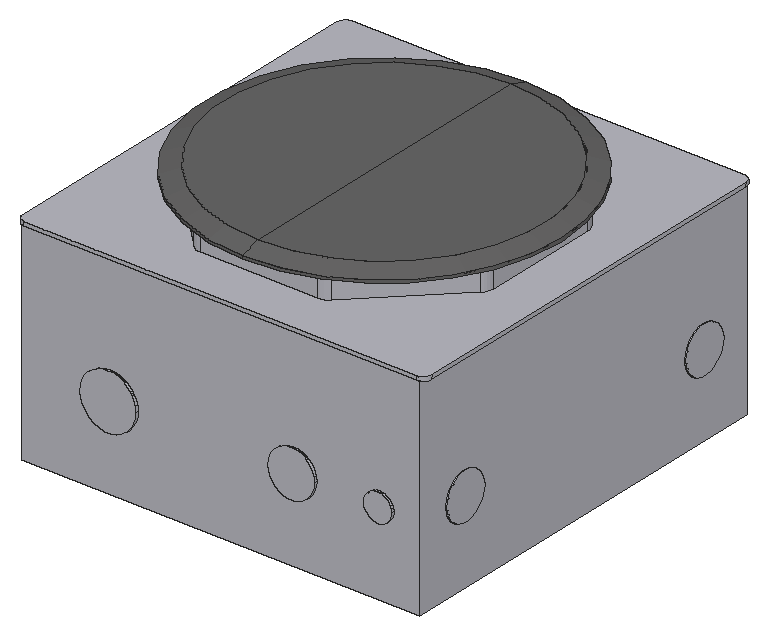
Revit family "Electrical_Equipment-Floor_Box-Hubbell_Wiring-10_Gang-Concrete-CFB10G55R", category Electrical Fixtures, host Face, Revit 2015
Parameters (values of type "CFB10G55R")
  URL = "http://www.hubbell-wiring.com/"
  Product data url = "https://bimobject.com/hubbellwiring/product/hubbell-cfb10g55"
  Product Page URL = "http://www.hubbell-wiring.com/DrawingLibrary.aspx/"
  Product Documentation Link = ""
  Model = "CFB10G55R"
  Manufacturer = "Hubbell-Wiring"  # constant formula
  Keynote = ""
  Device Plate 9 [instance] = Device Plate : FB10MP2A - Two Decorator openings
  Device Plate 8 [instance] = Device Plate : FB10MP2A - Two Decorator openings
  Device Plate 7 [instance] = Device Plate : FB10MP2A - Two Decorator openings
  Device Plate 6 [instance] = Device Plate : FB10MP2A - Two Decorator openings
  Device Plate 5 [instance] = Device Plate : FB10MP2A - Two Decorator openings
  Device Plate 4 [instance] = Device Plate : FB10MP2A - Two Decorator openings
  Device Plate 3 [instance] = Device Plate : FB10MP2A - Two Decorator openings
  Device Plate 2 [instance] = Device Plate : FB10MP2A - Two Decorator openings
  Device Plate 10 [instance] = Device Plate : FB10MP2A - Two Decorator openings
  Device Plate 1 [instance] = Device Plate : FB10MP2A - Two Decorator openings
  Description = "Concrete Floor Box, 10 Gang For 8'' Round Cover"
  Default Elevation = 0.000"
  Cover Type [instance] = CFBS1R8CVR : CFBS1R8CVRBK - Black Cover
  Conduit Connector_9 Description = "Conduit 0.75in. or 0.5in. Connection"
  Conduit Connector_8 Description = "Conduit 0.75in. or 0.5in. Connection"
  Conduit Connector_7 Description = "Conduit 0.75in. or 0.5in. Connection"
  Conduit Connector_6 Description = "Conduit 0.75in. or 0.5in. Connection"
  Conduit Connector_5 Description = "Conduit 0.75in. or 0.5in. Connection"
  Conduit Connector_4 Description = "Conduit 1.25in, 1.0in. or 0.75in. Connection"
  Conduit Connector_3 Description = "Conduit 1.25in, 1.0in. or 0.75in. Connection"
  Conduit Connector_2 Description = "Conduit 1.5in, 1.25in. or 1in. Connection"
  Conduit Connector_16 Description = "Conduit 0.5in. Connection"
  Conduit Connector_15 Description = "Conduit 0.5in. Connection"
  Conduit Connector_14 Description = "Conduit 1.0in, 0.75in. or 0.5in. Connection"
  Conduit Connector_13 Description = "Conduit 1.0in, 0.75in. or 0.5in. Connection"
  Conduit Connector_12 Description = "Conduit 1.0in, 0.75in. or 0.5in. Connection"
  Conduit Connector_11 Description = "Conduit 1.0in, 0.75in. or 0.5in. Connection"
  Conduit Connector_10 Description = "Conduit 0.75in. or 0.5in. Connection"
  Conduit Connector_1 Description = "Conduit 1.5in, 1.25in. or 1in. Connection"
  Conduit Connector 6 Radius = 0.250"
  Conduit Connector 5 Radius = 0.500"
  Conduit Connector 4 Radius = 0.625"
  Conduit Connector 3 Radius = 0.375"
  Conduit Connector 2 Radius = 0.625"
  Conduit Connector 1 Radius = 0.750"
  Box Material = Metal - Hubbell - Steel
  Assembly Code = "D5020115"
Types (2): name | Product Page URL | Product Documentation Link | Model | Description | Cover Type | Box Material
  CFB10G55R | "http://www.hubbell-wiring.com/DrawingLibrary.aspx/" | "" | "CFB10G55R" | "Concrete Floor Box, 10 Gang For 8'' Round Cover" | CFBS1R8CVR : CFBS1R8CVRBK - Black Cover | Metal - Hubbell - Steel
  CFB10G55RCR | "http://ecatalog.hubbell-wiring.com/productinformation/viewcatalog.aspx?Dest=hubbell-wiring.com/press/catalog/O.pdf" | "http://www.hubbell-wiring.com/DrawingLibrary.aspx/" | "CFB10G55RCR" | "Concrete Floor Box, 10 Gang For 8'' Round Cover With Green Exterior" | CFBS1R8CVR : CFBS1R8CVRALU - Aluminum Cover | Metal - Hubbell - Green Finish
Reference planes (in)
  plane 1 "Center (Front/Back)": y = 0
  plane 2: z = 0
  plane 3 "Center (Left/Right)": x = 0
  plane 4 "Bottom": z = -6.3695
  plane 5: y = -4
  plane 6: z = -4.1295
  plane 7: z = -6.4295
  plane 8: x = -5.32626
  plane 9: x = 5.32626
  plane 10: y = 5.47082
  plane 11: y = -5.47082
  plane 12: z = -6.2695
  plane 13: x = -5.12626
  plane 14: x = 5.12626
  plane 15: y = 5.27082
  plane 16: y = -5.27082
  plane 17: y = 4
  plane 18: x = -5.38
  plane 19: x = 5.38
  plane 20: y = -5.53082
  plane 21: y = 5.53082
  plane 22: x = -2.971
  plane 23: x = 1.939
  plane 24: x = 4.25
  plane 25: z = -0.74
  plane 26: z = -0.64
  plane 27: x = -4.46538
  plane 28: x = 4.46538
  plane 29: y = 4.29
  plane 30: y = -4.29
  plane 31: y = 2.5
Forms (in)
  Extrusion 1, solid, material "Metal - Hubbell - Steel" <- "Box Material"
    sketch origin (0, 0, -6.3695) x (0, 1, 0) y (-1, 0, 0)
      loop
        line (-5.47082, 5.32626) -> (-5.47082, -5.32626) -> (5.47082, -5.32626) -> (5.47082, 5.32626) -> (-5.47082, 5.32626)
    from 0 to 5.6295
  Extrusion 2, solid, material "Metal - Hubbell - Steel" <- "Box Material", detail levels medium+fine
    sketch origin (0, 0, 0) x (1, 0, 0) y (0, 0, 1)
      loop
        circle (-2.971, -4.1295) r 0.75
      loop
        circle (1.939, -4.1295) r 0.625
      loop
        circle (4.25, -4.1295) r 0.375
    from 5.47082 to 5.53082
  Extrusion 3, solid, material "Metal - Hubbell - Steel" <- "Box Material", detail levels medium+fine
    sketch origin (0, 0, 0) x (1, 0, 0) y (0, 0, -1)
      loop
        circle (-2.971, 4.1295) r 0.75
      loop
        circle (1.939, 4.1295) r 0.625
      loop
        circle (4.25, 4.1295) r 0.375
    from 5.47082 to 5.53082
  Extrusion 4, solid, material "Metal - Hubbell - Steel" <- "Box Material", detail levels medium+fine
    sketch origin (0, 0, 0) x (0, 1, 0) y (0, 0, 1)
      loop
        circle (-4, -4.1295) r 0.625
      loop
        circle (4, -4.1295) r 0.625
    from 5.32626 to 5.38
  Extrusion 5, solid, material "Metal - Hubbell - Steel" <- "Box Material", detail levels medium+fine
    sketch origin (0, 0, 0) x (0, 1, 0) y (0, 0, -1)
      loop
        circle (-4, 4.1295) r 0.625
      loop
        circle (4, 4.1295) r 0.625
    from 5.32626 to 5.38
  Extrusion 6, void
    sketch origin (0, 0, 0) x (1, 0, 0) y (0, 1, 0)
      loop
        line (-5.12626, 5.27082) -> (-5.12626, -5.27082) -> (5.12626, -5.27082) -> (5.12626, 5.27082) -> (-5.12626, 5.27082)
    from -6.2695 to -0.74
  Extrusion 7, solid, material "Metal - Hubbell - Steel" <- "Box Material", detail levels medium+fine
    sketch origin (0, 0, 0) x (1, 0, 0) y (0, 1, 0)
      loop
        circle (4.46538, 4.29) r 0.25
      loop
        circle (-4.46538, 4.29) r 0.25
      loop
        circle (4.46538, -4.29) r 0.5
      loop
        circle (-4.46538, -4.29) r 0.5
      loop
        circle (-4.46538, 2.5) r 0.5
      loop
        circle (4.46538, 2.5) r 0.5
    from -6.4295 to -6.3695
  Sweep 8, solid, material "Metal - Hubbell - Steel" <- "Box Material"
    path origin (0, 0, 0) x (0, 1, 0) y (0, 0, 1)
      loop
        line (0, -0.74) -> (0, -0.64)
    profile origin (0, 0, -0.69) x (0, -1, 0) y (1, 0, 0)
      loop
        arc (5.255, -5.48) -> (5.4141, -5.4141) -> (5.48, -5.255) r 0.225
        line (5.48, -5.255) -> (5.48, 5.255)
        arc (5.48, 5.255) -> (5.4141, 5.4141) -> (5.255, 5.48) r 0.225
        line (5.255, 5.48) -> (-5.255, 5.48)
        arc (-5.255, 5.48) -> (-5.4141, 5.4141) -> (-5.48, 5.255) r 0.225
        line (-5.48, 5.255) -> (-5.48, -5.255)
        arc (-5.48, -5.255) -> (-5.4141, -5.4141) -> (-5.255, -5.48) r 0.225
        line (-5.255, -5.48) -> (5.255, -5.48)
  Sweep 9, solid, material "Metal - Hubbell - Steel" <- "Box Material"
    path origin (0, 0, 0) x (0, 1, 0) y (0, 0, 1)
      loop
        line (0, -0.64) -> (0, 0)
    profile origin (0, 0, -0.32) x (0, -1, 0) y (1, 0, 0)
      loop
        arc (-4.0681, 1.84847) -> (-4.15351, 1.72065) -> (-4.1835, 1.56987) r 0.394
        line (-4.1835, 1.56987) -> (-4.1835, -1.56987)
        arc (-4.1835, -1.56987) -> (-4.15351, -1.72065) -> (-4.0681, -1.84847) r 0.394
        line (-4.0681, -1.84847) -> (-1.84797, -4.0686)
        arc (-1.84797, -4.0686) -> (-1.72015, -4.15401) -> (-1.56937, -4.184) r 0.394
        line (-1.56937, -4.184) -> (1.57037, -4.184)
        arc (1.57037, -4.184) -> (1.72115, -4.15401) -> (1.84897, -4.0686) r 0.394
        line (1.84897, -4.0686) -> (4.0691, -1.84847)
        arc (4.0691, -1.84847) -> (4.15451, -1.72065) -> (4.1845, -1.56987) r 0.394
        line (4.1845, -1.56987) -> (4.1845, 1.56987)
        arc (4.1845, 1.56987) -> (4.15451, 1.72065) -> (4.0691, 1.84847) r 0.394
        line (4.0691, 1.84847) -> (1.84897, 4.0686)
        arc (1.84897, 4.0686) -> (1.72115, 4.15401) -> (1.57037, 4.184) r 0.394
        line (1.57037, 4.184) -> (-1.56937, 4.184)
        arc (-1.56937, 4.184) -> (-1.72015, 4.15401) -> (-1.84797, 4.0686) r 0.394
        line (-1.84797, 4.0686) -> (-4.0681, 1.84847)
Cuts and joins
  Extrusion 6 cuts Extrusion 1
Lines and regions (in)
  symbolic lines
    curve 1: line (0, -5.47082, -6.3695) -> (0, -5.47082, 0)
    curve 2: line (0, 5.47082, 0) -> (0, 5.47082, -6.3695)
    curve 3: line (0, 5.47082, -6.3695) -> (0, -5.47082, -6.3695)
    curve 4: line (-5.32626, 0, -0.64) -> (-5.32626, 0, -6.3695)
    curve 5: line (-5.32626, 0, -6.3695) -> (5.32626, 0, -6.3695)
    curve 6: line (5.32626, 0, -6.3695) -> (5.32626, 0, -0.64)
    curve 7: line (0, 5.47082, 0) -> (0, -5.47082, 0)
    curve 8: line (-5.32626, 0, -0.64) -> (5.32626, 0, -0.64)
Dimensions and locks (in)
  locked: level to plane 4 "Bottom" at 6.3695
  level to plane 7 = 6.4295"
  locked: level to plane 12 at 6.2695
  plane 6 to level = 4.1295"
  locked: plane 5 to Extrusion 5 sketch curve at 0
  locked: plane 6 to Extrusion 5 sketch curve at 0  (x2)
  locked: plane 17 to Extrusion 5 sketch curve at 0
  locked: plane 5 to Extrusion 4 sketch curve at 0
  locked: plane 6 to Extrusion 4 sketch curve at 0  (x2)
  locked: plane 17 to Extrusion 4 sketch curve at 0
  host face to plane 4 "Bottom" = 6.3695"
  equal spacing: plane 17, plane 1 "Center (Front/Back)", plane 5
  locked: plane 17 to plane 1 "Center (Front/Back)" at 4
  equal spacing: plane 13, plane 3 "Center (Left/Right)", plane 14, locked at 5.12626 each
  equal spacing: plane 8, plane 3 "Center (Left/Right)", plane 9, locked at 5.32626 each
  equal spacing: plane 18, plane 3 "Center (Left/Right)", plane 19, locked at 5.38 each
  locked: plane 20 to plane 21 at 11.06165
  equal spacing: plane 20, plane 1 "Center (Front/Back)", plane 21, locked at 5.53082 each
  equal spacing: plane 11, plane 1 "Center (Front/Back)", plane 10, locked at 5.47082 each
  equal spacing: plane 16, plane 1 "Center (Front/Back)", plane 15, locked at 5.27082 each
  locked: plane 18 to plane 19 at 10.76
  plane 6 to plane 7 = 2.300"
  locked: plane 3 "Center (Left/Right)" to plane 22 at 2.971
  locked: plane 23 to plane 3 "Center (Left/Right)" at 1.939
  locked: plane 24 to plane 3 "Center (Left/Right)" at 4.25
  locked: Sweep 8 to plane 3 "Center (Left/Right)" at 5.48
  locked: Sweep 9 to nested 1 at 4.184
  equal spacing: plane 27, nested 1, plane 28
  locked: plane 27 to plane 28 at 8.93077
  equal spacing: plane 30, plane 1 "Center (Front/Back)", plane 29
  locked: plane 30 to plane 29 at 8.58
  locked: plane 1 "Center (Front/Back)" to plane 31 at 2.5
  "Conduit Connector 4 Radius": radius of Extrusion 5 sketch curve  (x2)
  "Conduit Connector 4 Radius": radius of Extrusion 4 sketch curve  (x2)
  "Conduit Connector 1 Radius": radius of Extrusion 2 sketch curve
  "Conduit Connector 2 Radius": radius of Extrusion 2 sketch curve
  "Conduit Connector 1 Radius": radius of Extrusion 3 sketch curve
  "Conduit Connector 2 Radius": radius of Extrusion 3 sketch curve
  "Conduit Connector 3 Radius": radius of Extrusion 2 sketch curve
  "Conduit Connector 3 Radius": radius of Extrusion 3 sketch curve
  "Conduit Connector 6 Radius": radius of Extrusion 7 sketch curve  (x2)
  "Conduit Connector 5 Radius": radius of Extrusion 7 sketch curve  (x4)
  aligned and locked: host face to plane 2
  aligned and locked: level to host face
  aligned and locked: plane 8 to Extrusion 5
  aligned and locked: Extrusion 4 to plane 9
  aligned and locked: Extrusion 2 to plane 11
  aligned and locked: plane 10 to Extrusion 3
  aligned and locked: Extrusion 1 to plane 4 "Bottom"
  aligned and locked: Extrusion 1 sketch curve to plane 9
  aligned and locked: plane 10 to Extrusion 1 sketch curve
  aligned and locked: plane 8 to Extrusion 1 sketch curve
  aligned and locked: plane 11 to Extrusion 1 sketch curve
  aligned and locked: cut or joined group of Extrusion 1, Extrusion 6 to plane 13
  aligned and locked: plane 14 to cut or joined group of Extrusion 1, Extrusion 6
  aligned and locked: cut or joined group of Extrusion 1, Extrusion 6 to plane 15
  aligned and locked: plane 16 to cut or joined group of Extrusion 1, Extrusion 6
  aligned and locked: plane 4 "Bottom" to Extrusion 7
  aligned and locked: curve 3 to plane 4 "Bottom"
  aligned and locked: plane 11 to curve 1
  aligned and locked: Extrusion 7 to plane 7
  aligned and locked: plane 18 to Extrusion 5
  aligned and locked: Extrusion 4 to plane 19
  aligned and locked: plane 20 to Extrusion 2
  aligned and locked: plane 21 to Extrusion 3
  aligned and locked: curve 4 to plane 8
  aligned and locked: curve 5 to plane 4 "Bottom"
  aligned and locked: curve 6 to plane 9
  aligned and locked: Extrusion 6 to plane 12
  aligned and locked: plane 10 to curve 2
  aligned and locked: plane 2 to curve 7
  aligned and locked: plane 6 to Extrusion 2 sketch curve
  aligned and locked: plane 24 to Extrusion 2 sketch curve
  aligned and locked: plane 23 to Extrusion 3 sketch curve
  aligned and locked: plane 6 to Extrusion 3 sketch curve  (x2)
  aligned and locked: plane 22 to Extrusion 3 sketch curve
  aligned and locked: plane 24 to Extrusion 3 sketch curve
  aligned and locked: Extrusion 1 to plane 25
  aligned and locked: plane 1 "Center (Front/Back)" to Sweep 8 sketch curve
  aligned and locked: plane 25 to Sweep 8 sketch curve
  aligned and locked: plane 26 to Sweep 8 sketch curve
  aligned and locked: plane 1 "Center (Front/Back)" to Sweep 9 sketch curve
  aligned and locked: level to Sweep 9 sketch curve
  aligned and locked: plane 26 to Sweep 9 sketch curve
  aligned and locked: plane 3 "Center (Left/Right)" to nested 1
  aligned and locked: plane 1 "Center (Front/Back)" to nested 1
  aligned and locked: Extrusion 1 to Extrusion 6
  aligned and locked: plane 28 to Extrusion 7 sketch curve  (x3)
  aligned and locked: plane 29 to Extrusion 7 sketch curve  (x2)
  aligned and locked: plane 27 to Extrusion 7 sketch curve  (x3)
  aligned and locked: plane 30 to Extrusion 7 sketch curve  (x2)
  aligned and locked: plane 31 to Extrusion 7 sketch curve  (x2)
  aligned and locked: plane 26 to curve 8
Automatic sketch dimensions
  host sketch curve to host sketch curve = 96.000"  (x2)
  Extrusion 6 sketch curve to plane 13 = 0.000"
  plane 14 to Extrusion 6 sketch curve = 0.000"
  plane 16 to Extrusion 6 sketch curve = 0.000"
  plane 15 to Extrusion 6 sketch curve = 0.000"
  profile plane to Sweep 8 sketch curve = 5.480"
  Sweep 8 sketch curve to Sweep 8 sketch curve = 0.225"  (x4)
  Sweep 8 sketch curve to profile plane = 5.255"
  Sweep 8 sketch curve to plane 3 "Center (Left/Right)" = 5.480"
  plane 3 "Center (Left/Right)" to Sweep 8 sketch curve = 5.255"
  profile plane to Sweep 9 sketch curve = 4.1835"
  Sweep 9 sketch curve to Sweep 9 sketch curve = 0.1154"  (x6)
  Sweep 9 sketch curve to Sweep 9 sketch curve = 0.2786"  (x7)
  profile plane to Sweep 9 sketch curve = 1.84797"  (x2)
  plane 3 "Center (Left/Right)" to Sweep 9 sketch curve = 1.56987"  (x2)
  Sweep 9 sketch curve to Sweep 9 sketch curve = 2.22013"  (x4)
  Sweep 9 sketch curve to plane 3 "Center (Left/Right)" = 1.56987"
  Sweep 9 sketch curve to Sweep 9 sketch curve = 0.394"  (x2)
  Sweep 9 sketch curve to profile plane = 1.57037"
  Sweep 9 sketch curve to plane 3 "Center (Left/Right)" = 1.84847"
  Sweep 9 sketch curve to profile plane = 1.84897"
  Extrusion 2 sketch curve to plane 6 = 0.000"  (x2)
  Extrusion 2 sketch curve to plane 22 = 0.000"
  Extrusion 2 sketch curve to plane 23 = 0.000"
  Extrusion 3 sketch curve to plane 6 = 0.000"
Nested families (in)
  nested 1: "CFBS1R8CVR" at (0, 0, 0), type <- "Cover Type", type "CFBS1R8CVRBK - Black Cover"
Connectors (in)
  cabletrayconduit at (-2.971, -5.53082, -4.1295), diameter 1.5, driven by "Conduit Connector_1 Description", driven by "Conduit Connector 1 Radius"
    settings: on Extrusion 2, index 1, connector width 12.000", connector height 12.000", connector angle 0.00°, system type 32, placement type 0, profile type 0, connector reference index -1, is primary connector yes, connector utility param no, connector description "Conduit 1.5in, 1.25in. or 1in. Connection"
  cabletrayconduit at (-2.971, 5.53082, -4.1295), diameter 1.5, driven by "Conduit Connector_2 Description", driven by "Conduit Connector 1 Radius"
    settings: on Extrusion 3, index 2, connector width 12.000", connector height 12.000", connector angle 0.00°, system type 32, placement type 0, profile type 0, connector reference index -1, is primary connector no, connector utility param no, connector description "Conduit 1.5in, 1.25in. or 1in. Connection"
  cabletrayconduit at (1.939, -5.53082, -4.1295), diameter 1.25, driven by "Conduit Connector 2 Radius", driven by "Conduit Connector_3 Description"
    settings: on Extrusion 2, index 3, connector width 12.000", connector height 12.000", connector angle 0.00°, system type 32, placement type 0, profile type 0, connector reference index -1, is primary connector no, connector utility param no, connector description "Conduit 1.25in, 1.0in. or 0.75in. Connection"
  cabletrayconduit at (1.939, 5.53082, -4.1295), diameter 1.25, driven by "Conduit Connector 2 Radius", driven by "Conduit Connector_4 Description"
    settings: on Extrusion 3, index 4, connector width 12.000", connector height 12.000", connector angle 0.00°, system type 32, placement type 0, profile type 0, connector reference index -1, is primary connector no, connector utility param no, connector description "Conduit 1.25in, 1.0in. or 0.75in. Connection"
  cabletrayconduit at (4.25, -5.53082, -4.1295), diameter 0.75, driven by "Conduit Connector 3 Radius", driven by "Conduit Connector_5 Description"
    settings: on Extrusion 2, index 5, connector width 12.000", connector height 12.000", connector angle 0.00°, system type 32, placement type 0, profile type 0, connector reference index -1, is primary connector no, connector utility param no, connector description "Conduit 0.75in. or 0.5in. Connection"
  cabletrayconduit at (4.25, 5.53082, -4.1295), diameter 0.75, driven by "Conduit Connector 3 Radius", driven by "Conduit Connector_6 Description"
    settings: on Extrusion 3, index 6, connector width 12.000", connector height 12.000", connector angle 0.00°, system type 32, placement type 0, profile type 0, connector reference index -1, is primary connector no, connector utility param no, connector description "Conduit 0.75in. or 0.5in. Connection"
  cabletrayconduit at (5.38, -4, -4.1295), diameter 1.25, driven by "Conduit Connector 4 Radius", driven by "Conduit Connector_7 Description"
    settings: on Extrusion 4, index 7, connector width 12.000", connector height 12.000", connector angle 0.00°, system type 32, placement type 0, profile type 0, connector reference index -1, is primary connector no, connector utility param no, connector description "Conduit 0.75in. or 0.5in. Connection"
  cabletrayconduit at (5.38, 4, -4.1295), diameter 1.25, driven by "Conduit Connector 4 Radius", driven by "Conduit Connector_8 Description"
    settings: on Extrusion 4, index 8, connector width 12.000", connector height 12.000", connector angle 0.00°, system type 32, placement type 0, profile type 0, connector reference index -1, is primary connector no, connector utility param no, connector description "Conduit 0.75in. or 0.5in. Connection"
  cabletrayconduit at (-5.38, -4, -4.1295), diameter 1.25, driven by "Conduit Connector 4 Radius", driven by "Conduit Connector_9 Description"
    settings: on Extrusion 5, index 9, connector width 12.000", connector height 12.000", connector angle 0.00°, system type 32, placement type 0, profile type 0, connector reference index -1, is primary connector no, connector utility param no, connector description "Conduit 0.75in. or 0.5in. Connection"
  cabletrayconduit at (-5.38, 4, -4.1295), diameter 1.25, driven by "Conduit Connector 4 Radius", driven by "Conduit Connector_10 Description"
    settings: on Extrusion 5, index 10, connector width 12.000", connector height 12.000", connector angle 0.00°, system type 32, placement type 0, profile type 0, connector reference index -1, is primary connector no, connector utility param no, connector description "Conduit 0.75in. or 0.5in. Connection"
  cabletrayconduit at (-4.46538, -4.29, -6.4295), diameter 1, driven by "Conduit Connector 5 Radius", driven by "Conduit Connector_11 Description"
    settings: on Extrusion 7, index 11, connector width 12.000", connector height 12.000", connector angle 0.00°, system type 32, placement type 0, profile type 0, connector reference index -1, is primary connector no, connector utility param no, connector description "Conduit 1.0in, 0.75in. or 0.5in. Connection"
  cabletrayconduit at (4.46538, -4.29, -6.4295), diameter 1, driven by "Conduit Connector 5 Radius", driven by "Conduit Connector_12 Description"
    settings: on Extrusion 7, index 12, connector width 12.000", connector height 12.000", connector angle 0.00°, system type 32, placement type 0, profile type 0, connector reference index -1, is primary connector no, connector utility param no, connector description "Conduit 1.0in, 0.75in. or 0.5in. Connection"
  cabletrayconduit at (4.46538, 2.5, -6.4295), diameter 1, driven by "Conduit Connector 5 Radius", driven by "Conduit Connector_13 Description"
    settings: on Extrusion 7, index 13, connector width 12.000", connector height 12.000", connector angle 0.00°, system type 32, placement type 0, profile type 0, connector reference index -1, is primary connector no, connector utility param no, connector description "Conduit 1.0in, 0.75in. or 0.5in. Connection"
  cabletrayconduit at (-4.46538, 2.5, -6.4295), diameter 1, driven by "Conduit Connector 5 Radius", driven by "Conduit Connector_14 Description"
    settings: on Extrusion 7, index 14, connector width 12.000", connector height 12.000", connector angle 0.00°, system type 32, placement type 0, profile type 0, connector reference index -1, is primary connector no, connector utility param no, connector description "Conduit 1.0in, 0.75in. or 0.5in. Connection"
  cabletrayconduit at (4.46538, 4.29, -6.4295), diameter 0.5, driven by "Conduit Connector 6 Radius", driven by "Conduit Connector_15 Description"
    settings: on Extrusion 7, index 15, connector width 12.000", connector height 12.000", connector angle 0.00°, system type 32, placement type 0, profile type 0, connector reference index -1, is primary connector no, connector utility param no, connector description "Conduit 0.5in. Connection"
  cabletrayconduit at (-4.46538, 4.29, -6.4295), diameter 0.5, driven by "Conduit Connector 6 Radius", driven by "Conduit Connector_16 Description"
    settings: on Extrusion 7, index 16, connector width 12.000", connector height 12.000", connector angle 0.00°, system type 32, placement type 0, profile type 0, connector reference index -1, is primary connector no, connector utility param no, connector description "Conduit 0.5in. Connection"
Definition of nested family "CFBS1R8CVR"
  Parameters
    URL = "http://www.hubbell-wiring.com/"
    Product Page URL = ""
    Product Documentation Link = ""
    Model = "CFBS1R8CVRNK"
    Manufacturer = "Hubbell-Wiring"  # constant formula
    Description = "System one 8 inch round cover for recessed floor boxes"  # constant formula
    Default Elevation = 0.000"
    Cover Material = none
    Assembly Code = "D5020115"
  Reference planes (in)
    plane 1 "Center (Front/Back)": y = 0
    plane 2: z = 0
    plane 3 "Center (Left/Right)": x = 0
  Forms (in)
    Extrusion 1, solid
      sketch origin (0, 0, 0) x (1, 0, 0) y (0, 1, 0)
        loop
          line (-48, 48) -> (-48, -48) -> (48, -48) -> (48, 48) -> (-48, 48)
      from 0 to -12
    Revolve 2, solid, material <- "Cover Material"
      sketch origin (0, 0, 0) x (0, 1, 0) y (0, 0, 1)
        loop
          line (0, 0.24) -> (-4.25, 0.24) -> (-4.75, 0.07409) -> (-4.75, 0) -> (-4, 0) -> (-4, -0.76) -> (0, -0.76) -> (0, 0.24)
        axis (0, 0.24) -> (0, -0.76)
      angle from 0 to 360
  Lines and regions (in)
    symbolic lines
      curve 1: line (-4.25036, 0, 0.24) -> (4.24848, 0, 0.24)
      curve 2: line (4.74848, 0, 0) -> (-4.75036, 0, 0)
      curve 3: line (3.99848, 0, -0.76) -> (-4.00036, 0, -0.76)
      curve 4: line (3.99848, 0, 0) -> (3.99848, 0, -0.76)
      curve 5: line (-4.00036, 0, -0.76) -> (-4.00036, 0, 0)
      curve 6: line (0, 4.25, 0.24) -> (0, -4.25, 0.24)
      curve 7: line (0, -4.75, 0) -> (0, 4.75, 0)
      curve 8: line (0, 4, -0.76) -> (0, 4, 0)
      curve 9: line (0, -4, -0.76) -> (0, 4, -0.76)
      curve 10: line (0, -4, 0) -> (0, -4, -0.76)
      curve 16: line (-4.75036, 0, 0) -> (-4.75036, 0, 0.07409)
      curve 17: line (4.74848, 0, 0) -> (4.74848, 0, 0.07409)
      curve 19: line (-4.75036, 0, 0.07409) -> (-4.25036, 0, 0.24)
      curve 21: line (4.24848, 0, 0.24) -> (4.74848, 0, 0.07409)
      curve 24: line (0, 4.25, 0.24) -> (0, 4.75, 0.07409)
      curve 25: line (0, -4.25, 0.24) -> (0, -4.75, 0.07409)
      curve 26: line (0, -4.75, 0.07409) -> (0, -4.75, 0)
      curve 27: line (0, 4.75, 0) -> (0, 4.75, 0.07409)
      curve 46: circle (0, 0, 0) r 4.75 normal (0, 0, 1)
      curve 47: circle (0, 0, 0) r 4.25 normal (0, 0, 1)
    reference lines
      curve 11: line (-2.98985, 0, 0.53206) -> (-4.78257, 0, -0.06281)
      curve 12: arc (-1.875, 2.145, 0) -> (-1.69822, 2.07178, 0) -> (-1.625, 1.895, 0) r 0.25
      curve 13: arc (-1.875, -2.145, 0) -> (-1.69822, -2.07178, 0) -> (-1.625, -1.895, 0) r 0.25
      curve 14: arc (1.875, 2.145, 0) -> (1.69822, 2.07178, 0) -> (1.625, 1.895, 0) r 0.25
      curve 15: arc (1.875, -2.145, 0) -> (1.69822, -2.07178, 0) -> (1.625, -1.895, 0) r 0.25
      curve 18: line (-3.87, 0, 0.24) -> (-4.37, 0, 0.07409)
      curve 20: line (3.51326, 0, 0.35838) -> (4.59327, 0, 0)
      curve 22: line (0, 6.70455, 0.32476) -> (0, 7.57568, 0.0357)
      curve 23: line (0, -6.61229, 0.35538) -> (0, -7.58929, 0.03119)
    model lines, detail levels medium+fine
      curve 28: line (-3.84148, 1.81811, 0.24) -> (-2.94463, 1.81811, 0.24)
      curve 29: arc (-2.44463, 1.31811, 0.24) -> (-2.59107, 1.67166, 0.24) -> (-2.94463, 1.81811, 0.24) r 0.5
      curve 30: line (-3.84148, -1.81811, 0.24) -> (-2.94463, -1.81811, 0.24)
      curve 31: line (-2.44463, -1.31811, 0.24) -> (-2.44463, 1.31811, 0.24)
      curve 32: arc (-2.44463, -1.31811, 0.24) -> (-2.59107, -1.67166, 0.24) -> (-2.94463, -1.81811, 0.24) r 0.5
      curve 33: line (-0.64368, -2.06811, 0.24) -> (-0.64368, -1.5462, 0.24)
      curve 34: line (0.64368, -2.06811, 0.24) -> (-0.64368, -2.06811, 0.24)
      curve 35: line (0.64368, -1.5462, 0.24) -> (0.64368, -2.06811, 0.24)
      curve 36: arc (-0.64368, -1.5462, 0.24) -> (-0.49723, -1.19264, 0.24) -> (-0.14368, -1.0462, 0.24) r 0.5
      curve 37: arc (0.14368, -1.0462, 0.24) -> (0.49723, -1.19264, 0.24) -> (0.64368, -1.5462, 0.24) r 0.5
      curve 38: line (-0.14368, -1.0462, 0.24) -> (-0.14368, -0.7962, 0.24)
      curve 39: line (-0.14368, -0.7962, 0.24) -> (0.14368, -0.7962, 0.24)
      curve 40: line (0.14368, -0.7962, 0.24) -> (0.14368, -1.0462, 0.24)
      curve 41: line (3.84148, 1.81811, 0.24) -> (2.94463, 1.81811, 0.24)
      curve 42: arc (2.44463, 1.31811, 0.24) -> (2.59107, 1.67166, 0.24) -> (2.94463, 1.81811, 0.24) r 0.5
      curve 43: line (3.84148, -1.81811, 0.24) -> (2.94463, -1.81811, 0.24)
      curve 44: line (2.44463, -1.31811, 0.24) -> (2.44463, 1.31811, 0.24)
      curve 45: arc (2.44463, -1.31811, 0.24) -> (2.59107, -1.67166, 0.24) -> (2.94463, -1.81811, 0.24) r 0.5
  Dimensions and locks (in)
    aligned and locked: plane 2 to Extrusion 1
    aligned and locked: level to Extrusion 1
